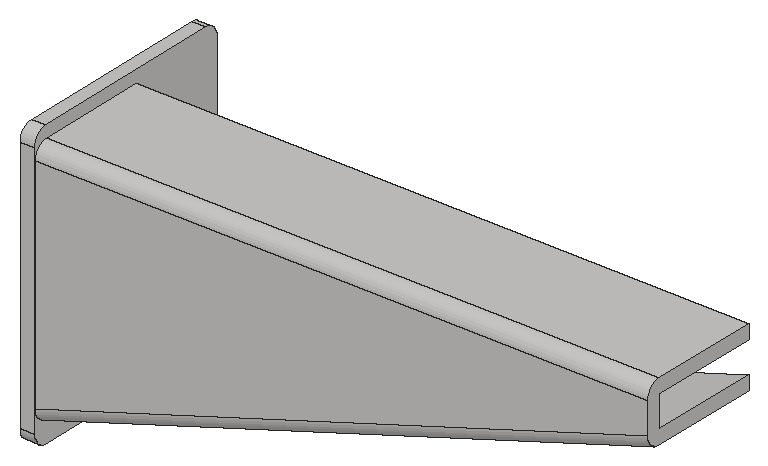
Revit family "E_Cable Tray Support_MEPcontent_OBO Bettermann_Bracket AW FT", category Cable Tray Fittings, Revit 2015
Parameters (values of type "AW 15 11 FT")
  Wholesaler Art. No. = ""
  Wholesaler = ""
  Watermarked By = "www.stabiplan.com"
  Width 1 = 110.00 mm
  Width = Width 1  # 110 mm
  URL = "www.stabiplan.com"
  built-in parameter 1140111 [instance] = 2.50 mm  # 0.0082021 (stored number, unit not read)
  Stabu Code = ""
  Revit Version = "2015"  # constant formula
  MEPcontent Class = "CABLE_TRAY_SUPPORT"  # constant formula
  Internal Art. No. = ""
  IFCExportType = "NOTDEFINED"  # constant formula
  IFCExportAs = "IfcCableCarrierFittingType"  # constant formula
  Function Code [instance] = ""
  Front Height = Height / 4  # 12.50 mm
  Family Version = "10.14"  # constant formula
  ETIM Article Class = "EC000022"  # constant formula
  EMCS Version = "2.0"  # constant formula
  Copyright = "© Stabiplan International BV"  # constant formula
  Content Supplier URL = ""
  CB-NL Class = ""
  Article Type = if(and(Width = 110.00 mm, Height = 50.00 mm), "AW 15 11 FT", if(and(Width = 160.00 mm, Height = 55.00 mm), "AW 15 16 FT", if(and(Width = 210.00 mm, Height = 60.00 mm), "AW 15 21 FT", if(and(Width = 310.00 mm, Height = 65.00 mm), "AW 15 31 FT", if(and(Width = 410.00 mm, Height = 70.00 mm), "AW 15 41 FT", if(and(Width = 510.00 mm, Height = 75.00 mm), "AW 15 51 FT", if(and(Width = 560.00 mm, Height = 80.00 mm), "AW 15 56 FT", if(and(Width = 610.00 mm, Height = 80.00 mm), "AW 15 61 FT", if(and(Width = 110.00 mm, Height = 60.00 mm, Depth = 50.00 mm), "AW 30 11 FT ", if(and(Width = 160.00 mm, Height = 65.00 mm, Depth = 50.00 mm), "AW 30 16 FT ", if(and(Width = 210.00 mm, Height = 70.00 mm, Depth = 50.00 mm), "AW 30 21 FT ", if(and(Width = 310.00 mm, Height = 80.00 mm, Depth = 50.00 mm), "AW 30 31 FT ", if(and(Width = 410.00 mm, Height = 80.00 mm, Depth = 50.00 mm), "AW 30 41 FT ", if(and(Width = 510.00 mm, Height = 90.00 mm, Depth = 50.00 mm), "AW 30 51 FT ", if(and(Width = 560.00 mm, Height = 100.00 mm, Depth = 50.00 mm), "AW 30 56 FT ", if(and(Width = 610.00 mm, Height = 100.00 mm, Depth = 50.00 mm), "AW 30 61 FT ", if(and(Width = 710.00 mm, Height = 100.00 mm, Depth = 50.00 mm), "AW 30 71 FT ", if(and(Width = 210.00 mm, Height = 90.00 mm, Depth = 50.00 mm), "AW 55 21 FT ", if(and(Width = 310.00 mm, Height = 110.00 mm, Depth = 50.00 mm), "AW 55 31 FT ", if(and(Width = 410.00 mm, Height = 130.00 mm, Depth = 50.00 mm), "AW 55 41 FT ", if(and(Width = 510.00 mm, Height = 145.00 mm, Depth = 60.00 mm), "AW 55 51 FT ", if(and(Width = 560.00 mm, Height = 165.00 mm, Depth = 60.00 mm), "AW 55 56 FT ", if(and(Width = 610.00 mm, Height = 165.00 mm, Depth = 60.00 mm), "AW 55 61 FT ", if(and(Width = 710.00 mm, Height = 195.00 mm, Depth = 60.00 mm), "AW 55 71 FT ", if(and(Width = 810.00 mm, Height = 195.00 mm, Depth = 60.00 mm), "AW 55 81 FT ", if(and(Width = 910.00 mm, Height = 215.00 mm, Depth = 60.00 mm), "AW 55 91 FT ", if(and(Width = 1010.00 mm, Height = 230.00 mm, Depth = 60.00 mm), "AW 55 101 FT ", if(and(Width = 210.00 mm, Height = 110.00 mm, Depth = 50.00 mm), "AW 80 21 FT", if(and(Width = 310.00 mm, Height = 145.00 mm, Depth = 50.00 mm), "AW 80 31 FT", if(and(Width = 410.00 mm, Height = 165.00 mm, Depth = 50.00 mm), "AW 80 41 FT", if(and(Width = 510.00 mm, Height = 195.00 mm, Depth = 60.00 mm), "AW 80 51 FT", if(and(Width = 610.00 mm, Height = 210.00 mm, Depth = 60.00 mm), "AW 80 61 FT", if(and(Width = 710.00 mm, Height = 235.00 mm, Depth = 60.00 mm), "AW 80 71 FT", if(and(Width = 810.00 mm, Height = 260.00 mm, Depth = 60.00 mm), "AW 80 81 FT", "Unknown"))))))))))))))))))))))))))))))))))  # "AW 15 11 FT"
  Product Line = "OBO BETTERMANN CableTrays"  # constant formula
  Model = if(and(Width = 110.00 mm, Height = 50.00 mm), "AW 15 11 FT", if(and(Width = 160.00 mm, Height = 55.00 mm), "AW 15 16 FT", if(and(Width = 210.00 mm, Height = 60.00 mm), "AW 15 21 FT", if(and(Width = 310.00 mm, Height = 65.00 mm), "AW 15 31 FT", if(and(Width = 410.00 mm, Height = 70.00 mm), "AW 15 41 FT", if(and(Width = 510.00 mm, Height = 75.00 mm), "AW 15 51 FT", if(and(Width = 560.00 mm, Height = 80.00 mm), "AW 15 56 FT", if(and(Width = 610.00 mm, Height = 80.00 mm), "AW 15 61 FT", if(and(Width = 110.00 mm, Height = 60.00 mm, Depth = 50.00 mm), "AW 30 11 FT ", if(and(Width = 160.00 mm, Height = 65.00 mm, Depth = 50.00 mm), "AW 30 16 FT ", if(and(Width = 210.00 mm, Height = 70.00 mm, Depth = 50.00 mm), "AW 30 21 FT ", if(and(Width = 310.00 mm, Height = 80.00 mm, Depth = 50.00 mm), "AW 30 31 FT ", if(and(Width = 410.00 mm, Height = 80.00 mm, Depth = 50.00 mm), "AW 30 41 FT ", if(and(Width = 510.00 mm, Height = 90.00 mm, Depth = 50.00 mm), "AW 30 51 FT ", if(and(Width = 560.00 mm, Height = 100.00 mm, Depth = 50.00 mm), "AW 30 56 FT ", if(and(Width = 610.00 mm, Height = 100.00 mm, Depth = 50.00 mm), "AW 30 61 FT ", if(and(Width = 710.00 mm, Height = 100.00 mm, Depth = 50.00 mm), "AW 30 71 FT ", if(and(Width = 210.00 mm, Height = 90.00 mm, Depth = 50.00 mm), "AW 55 21 FT ", if(and(Width = 310.00 mm, Height = 110.00 mm, Depth = 50.00 mm), "AW 55 31 FT ", if(and(Width = 410.00 mm, Height = 130.00 mm, Depth = 50.00 mm), "AW 55 41 FT ", if(and(Width = 510.00 mm, Height = 145.00 mm, Depth = 60.00 mm), "AW 55 51 FT ", if(and(Width = 560.00 mm, Height = 165.00 mm, Depth = 60.00 mm), "AW 55 56 FT ", if(and(Width = 610.00 mm, Height = 165.00 mm, Depth = 60.00 mm), "AW 55 61 FT ", if(and(Width = 710.00 mm, Height = 195.00 mm, Depth = 60.00 mm), "AW 55 71 FT ", if(and(Width = 810.00 mm, Height = 195.00 mm, Depth = 60.00 mm), "AW 55 81 FT ", if(and(Width = 910.00 mm, Height = 215.00 mm, Depth = 60.00 mm), "AW 55 91 FT ", if(and(Width = 1010.00 mm, Height = 230.00 mm, Depth = 60.00 mm), "AW 55 101 FT ", if(and(Width = 210.00 mm, Height = 110.00 mm, Depth = 50.00 mm), "AW 80 21 FT", if(and(Width = 310.00 mm, Height = 145.00 mm, Depth = 50.00 mm), "AW 80 31 FT", if(and(Width = 410.00 mm, Height = 165.00 mm, Depth = 50.00 mm), "AW 80 41 FT", if(and(Width = 510.00 mm, Height = 195.00 mm, Depth = 60.00 mm), "AW 80 51 FT", if(and(Width = 610.00 mm, Height = 210.00 mm, Depth = 60.00 mm), "AW 80 61 FT", if(and(Width = 710.00 mm, Height = 235.00 mm, Depth = 60.00 mm), "AW 80 71 FT", if(and(Width = 810.00 mm, Height = 260.00 mm, Depth = 60.00 mm), "AW 80 81 FT", "Unknown"))))))))))))))))))))))))))))))))))  # "AW 15 11 FT"
  Manufacturer = "OBO BETTERMANN"  # constant formula
  Custom [instance] = if(and(Width = 110.00 mm, Height = 50.00 mm), 1 = 0, if(and(Width = 160.00 mm, Height = 55.00 mm), 1 = 0, if(and(Width = 210.00 mm, Height = 60.00 mm), 1 = 0, if(and(Width = 310.00 mm, Height = 65.00 mm), 1 = 0, if(and(Width = 410.00 mm, Height = 70.00 mm), 1 = 0, if(and(Width = 510.00 mm, Height = 75.00 mm), 1 = 0, if(and(Width = 560.00 mm, Height = 80.00 mm), 1 = 0, if(and(Width = 610.00 mm, Height = 80.00 mm), 1 = 0, if(and(Width = 110.00 mm, Height = 60.00 mm, Depth = 50.00 mm), 1 = 0, if(and(Width = 160.00 mm, Height = 65.00 mm, Depth = 50.00 mm), 1 = 0, if(and(Width = 210.00 mm, Height = 70.00 mm, Depth = 50.00 mm), 1 = 0, if(and(Width = 310.00 mm, Height = 80.00 mm, Depth = 50.00 mm), 1 = 0, if(and(Width = 410.00 mm, Height = 80.00 mm, Depth = 50.00 mm), 1 = 0, if(and(Width = 510.00 mm, Height = 90.00 mm, Depth = 50.00 mm), 1 = 0, if(and(Width = 560.00 mm, Height = 100.00 mm, Depth = 50.00 mm), 1 = 0, if(and(Width = 610.00 mm, Height = 100.00 mm, Depth = 50.00 mm), 1 = 0, if(and(Width = 710.00 mm, Height = 100.00 mm, Depth = 50.00 mm), 1 = 0, if(and(Width = 210.00 mm, Height = 90.00 mm, Depth = 50.00 mm), 1 = 0, if(and(Width = 310.00 mm, Height = 110.00 mm, Depth = 50.00 mm), 1 = 0, if(and(Width = 410.00 mm, Height = 130.00 mm, Depth = 50.00 mm), 1 = 0, if(and(Width = 510.00 mm, Height = 145.00 mm, Depth = 60.00 mm), 1 = 0, if(and(Width = 560.00 mm, Height = 165.00 mm, Depth = 60.00 mm), 1 = 0, if(and(Width = 610.00 mm, Height = 165.00 mm, Depth = 60.00 mm), 1 = 0, if(and(Width = 710.00 mm, Height = 195.00 mm, Depth = 60.00 mm), 1 = 0, if(and(Width = 810.00 mm, Height = 195.00 mm, Depth = 60.00 mm), 1 = 0, if(and(Width = 910.00 mm, Height = 215.00 mm, Depth = 60.00 mm), 1 = 0, if(and(Width = 1010.00 mm, Height = 230.00 mm, Depth = 60.00 mm), 1 = 0, if(and(Width = 210.00 mm, Height = 110.00 mm, Depth = 50.00 mm), 1 = 0, if(and(Width = 310.00 mm, Height = 145.00 mm, Depth = 50.00 mm), 1 = 0, if(and(Width = 410.00 mm, Height = 165.00 mm, Depth = 50.00 mm), 1 = 0, if(and(Width = 510.00 mm, Height = 195.00 mm, Depth = 60.00 mm), 1 = 0, if(and(Width = 610.00 mm, Height = 210.00 mm, Depth = 60.00 mm), 1 = 0, if(and(Width = 710.00 mm, Height = 235.00 mm, Depth = 60.00 mm), 1 = 0, if(and(Width = 810.00 mm, Height = 260.00 mm, Depth = 60.00 mm), 1 = 0, 1 = 1))))))))))))))))))))))))))))))))))  # no
  Height 1 = 50.00 mm
  Height = Height 1  # 50 mm
  GTIN = if(and(Width = 110.00 mm, Height = 50.00 mm), "4012196207077", if(and(Width = 160.00 mm, Height = 55.00 mm), "4012196207138", if(and(Width = 210.00 mm, Height = 60.00 mm), "4012196207190", if(and(Width = 310.00 mm, Height = 65.00 mm), "4012196207251", if(and(Width = 410.00 mm, Height = 70.00 mm), "4012196207312", if(and(Width = 510.00 mm, Height = 75.00 mm), "4012196207374", if(and(Width = 560.00 mm, Height = 80.00 mm), "4012196207435", if(and(Width = 610.00 mm, Height = 80.00 mm), "4012196207497", if(and(Width = 110.00 mm, Height = 60.00 mm, Depth = 50.00 mm), "4012196206599", if(and(Width = 160.00 mm, Height = 65.00 mm, Depth = 50.00 mm), "4012196206650", if(and(Width = 210.00 mm, Height = 70.00 mm, Depth = 50.00 mm), "4012196206711", if(and(Width = 310.00 mm, Height = 80.00 mm, Depth = 50.00 mm), "4012196206773", if(and(Width = 410.00 mm, Height = 80.00 mm, Depth = 50.00 mm), "4012196206834", if(and(Width = 510.00 mm, Height = 90.00 mm, Depth = 50.00 mm), "4012196206896", if(and(Width = 560.00 mm, Height = 100.00 mm, Depth = 50.00 mm), "4012196207015", if(and(Width = 610.00 mm, Height = 100.00 mm, Depth = 50.00 mm), "4012196206957", if(and(Width = 710.00 mm, Height = 100.00 mm, Depth = 50.00 mm), "4012196483730", if(and(Width = 210.00 mm, Height = 90.00 mm, Depth = 50.00 mm), "4012196204731", if(and(Width = 310.00 mm, Height = 110.00 mm, Depth = 50.00 mm), "4012196204793", if(and(Width = 410.00 mm, Height = 130.00 mm, Depth = 50.00 mm), "4012196204854", if(and(Width = 510.00 mm, Height = 145.00 mm, Depth = 60.00 mm), "4012196204915", if(and(Width = 560.00 mm, Height = 165.00 mm, Depth = 60.00 mm), "4012196204977", if(and(Width = 610.00 mm, Height = 165.00 mm, Depth = 60.00 mm), "4012196205035", if(and(Width = 710.00 mm, Height = 195.00 mm, Depth = 60.00 mm), "4012196205097", if(and(Width = 810.00 mm, Height = 195.00 mm, Depth = 60.00 mm), "4012196205158", if(and(Width = 910.00 mm, Height = 215.00 mm, Depth = 60.00 mm), "4012196205219", if(and(Width = 1010.00 mm, Height = 230.00 mm, Depth = 60.00 mm), "4012196205271", if(and(Width = 210.00 mm, Height = 110.00 mm, Depth = 50.00 mm), "4012196203475", if(and(Width = 310.00 mm, Height = 145.00 mm, Depth = 50.00 mm), "4012196203536", if(and(Width = 410.00 mm, Height = 165.00 mm, Depth = 50.00 mm), "4012196203598", if(and(Width = 510.00 mm, Height = 195.00 mm, Depth = 60.00 mm), "4012196203659", if(and(Width = 610.00 mm, Height = 210.00 mm, Depth = 60.00 mm), "4012196203710", if(and(Width = 710.00 mm, Height = 235.00 mm, Depth = 60.00 mm), "4012196203772", if(and(Width = 810.00 mm, Height = 260.00 mm, Depth = 60.00 mm), "4012196203833", "Unknown"))))))))))))))))))))))))))))))))))  # "4012196207077"
  Description = "Wall Bracket"
  Depth = 40.00 mm
  Manufacturer URL = "http://catalog4.obo-bettermann.com/catalogue/catalogue.do?forward=showProductGroup&act=showIO&favOid=bss_7094&action=showManyProducts&lang=nl&OID=bss_7094&catId="
  Gray = Color RGB 189-187-185
  Manufacturer Art. No. = if(and(Width = 110.00 mm, Height = 50.00 mm), "6420656", if(and(Width = 160.00 mm, Height = 55.00 mm), "6420664", if(and(Width = 210.00 mm, Height = 60.00 mm), "6420680", if(and(Width = 310.00 mm, Height = 65.00 mm), "6420710", if(and(Width = 410.00 mm, Height = 70.00 mm), "6420745", if(and(Width = 510.00 mm, Height = 75.00 mm), "6420788", if(and(Width = 560.00 mm, Height = 80.00 mm), "6420796", if(and(Width = 610.00 mm, Height = 80.00 mm), "6420826", if(and(Width = 110.00 mm, Height = 60.00 mm, Depth = 50.00 mm), "6419704", if(and(Width = 160.00 mm, Height = 65.00 mm, Depth = 50.00 mm), "6419712", if(and(Width = 210.00 mm, Height = 70.00 mm, Depth = 50.00 mm), "6419720", if(and(Width = 310.00 mm, Height = 80.00 mm, Depth = 50.00 mm), "6419747", if(and(Width = 410.00 mm, Height = 80.00 mm, Depth = 50.00 mm), "6419763", if(and(Width = 510.00 mm, Height = 90.00 mm, Depth = 50.00 mm), "6419798", if(and(Width = 560.00 mm, Height = 100.00 mm, Depth = 50.00 mm), "6419844", if(and(Width = 610.00 mm, Height = 100.00 mm, Depth = 50.00 mm), "6419828", if(and(Width = 710.00 mm, Height = 100.00 mm, Depth = 50.00 mm), "6419836", if(and(Width = 210.00 mm, Height = 90.00 mm, Depth = 50.00 mm), "6418554", if(and(Width = 310.00 mm, Height = 110.00 mm, Depth = 50.00 mm), "6418570", if(and(Width = 410.00 mm, Height = 130.00 mm, Depth = 50.00 mm), "6418597", if(and(Width = 510.00 mm, Height = 145.00 mm, Depth = 60.00 mm), "6418619", if(and(Width = 560.00 mm, Height = 165.00 mm, Depth = 60.00 mm), "6418627", if(and(Width = 610.00 mm, Height = 165.00 mm, Depth = 60.00 mm), "6418635", if(and(Width = 710.00 mm, Height = 195.00 mm, Depth = 60.00 mm), "6418651", if(and(Width = 810.00 mm, Height = 195.00 mm, Depth = 60.00 mm), "6418686", if(and(Width = 910.00 mm, Height = 215.00 mm, Depth = 60.00 mm), "6418708", if(and(Width = 1010.00 mm, Height = 230.00 mm, Depth = 60.00 mm), "6418724", if(and(Width = 210.00 mm, Height = 110.00 mm, Depth = 50.00 mm), "6417752", if(and(Width = 310.00 mm, Height = 145.00 mm, Depth = 50.00 mm), "6417779", if(and(Width = 410.00 mm, Height = 165.00 mm, Depth = 50.00 mm), "6417795", if(and(Width = 510.00 mm, Height = 195.00 mm, Depth = 60.00 mm), "6417817", if(and(Width = 610.00 mm, Height = 210.00 mm, Depth = 60.00 mm), "6417833", if(and(Width = 710.00 mm, Height = 235.00 mm, Depth = 60.00 mm), "6417868", if(and(Width = 810.00 mm, Height = 260.00 mm, Depth = 60.00 mm), "6417884", "Unknown"))))))))))))))))))))))))))))))))))  # "6420656"
  Article Description = "Wall Bracket"
Types (34, lengths in mm): name | Width 1 | Width | Front Height | Article Type | Model | Height 1 | Height | GTIN | Depth | Manufacturer URL | Manufacturer Art. No.
  AW 15 11 FT | 110.00 | 110 | 12.50 | "AW 15 11 FT" | "AW 15 11 FT" | 50.00 | 50 | "4012196207077" | 40.00 | "http://catalog4.obo-bettermann.com/catalogue/catalogue.do?forward=showProductGroup&act=showIO&favOid=bss_7094&action=showManyProducts&lang=nl&OID=bss_7094&catId=" | "6420656"
  AW 15 16 FT | 160.00 | 160 | 13.75 | "AW 15 16 FT" | "AW 15 16 FT" | 55.00 | 55 | "4012196207138" | 40.00 | "http://catalog4.obo-bettermann.com/catalogue/catalogue.do?forward=showProductGroup&act=showIO&favOid=bss_7094&action=showManyProducts&lang=nl&OID=bss_7094&catId=" | "6420664"
  AW 15 21 FT | 210.00 | 210 | 15.00 | "AW 15 21 FT" | "AW 15 21 FT" | 60.00 | 60 | "4012196207190" | 40.00 | "http://catalog4.obo-bettermann.com/catalogue/catalogue.do?forward=showProductGroup&act=showIO&favOid=bss_7094&action=showManyProducts&lang=nl&OID=bss_7094&catId=" | "6420680"
  AW 15 31 FT | 310.00 | 310 | 16.25 | "AW 15 31 FT" | "AW 15 31 FT" | 65.00 | 65 | "4012196207251" | 40.00 | "http://catalog4.obo-bettermann.com/catalogue/catalogue.do?forward=showProductGroup&act=showIO&favOid=bss_7094&action=showManyProducts&lang=nl&OID=bss_7094&catId=" | "6420710"
  AW 15 41 FT | 410.00 | 410 | 17.50 | "AW 15 41 FT" | "AW 15 41 FT" | 70.00 | 70 | "4012196207312" | 40.00 | "http://catalog4.obo-bettermann.com/catalogue/catalogue.do?forward=showProductGroup&act=showIO&favOid=bss_7094&action=showManyProducts&lang=nl&OID=bss_7094&catId=" | "6420745"
  AW 15 51 FT | 510.00 | 510 | 18.75 | "AW 15 51 FT" | "AW 15 51 FT" | 75.00 | 75 | "4012196207374" | 40.00 | "http://catalog4.obo-bettermann.com/catalogue/catalogue.do?forward=showProductGroup&act=showIO&favOid=bss_7094&action=showManyProducts&lang=nl&OID=bss_7094&catId=" | "6420788"
  AW 15 56 FT | 560.00 | 560 | 20.00 | "AW 15 56 FT" | "AW 15 56 FT" | 80.00 | 80 | "4012196207435" | 40.00 | "http://catalog4.obo-bettermann.com/catalogue/catalogue.do?forward=showProductGroup&act=showIO&favOid=kts_7094&action=showManyProducts&lang=nl&OID=kts_7094&catId=" | "6420796"
  AW 15 61 FT | 610.00 | 610 | 20.00 | "AW 15 61 FT" | "AW 15 61 FT" | 80.00 | 80 | "4012196207497" | 40.00 | "http://catalog4.obo-bettermann.com/catalogue/catalogue.do?forward=showProductGroup&act=showIO&favOid=kts_7094&action=showManyProducts&lang=nl&OID=kts_7094&catId=" | "6420826"
  AW 30 11 FT | 110.00 | 110 | 15.00 | "AW 30 11 FT " | "AW 30 11 FT " | 60.00 | 60 | "4012196206599" | 50.00 | "http://catalog4.obo-bettermann.com/catalogue/catalogue.do?forward=showProductGroup&act=showIO&favOid=bss_7110&action=showManyProducts&lang=nl&OID=bss_7110&catId=" | "6419704"
  AW 30 16 FT | 160.00 | 160 | 16.25 | "AW 30 16 FT " | "AW 30 16 FT " | 65.00 | 65 | "4012196206650" | 50.00 | "http://catalog4.obo-bettermann.com/catalogue/catalogue.do?forward=showProductGroup&act=showIO&favOid=kts_7110&action=showManyProducts&lang=nl&OID=kts_7110&catId=" | "6419712"
  AW 30 21 FT | 210.00 | 210 | 17.50 | "AW 30 21 FT " | "AW 30 21 FT " | 70.00 | 70 | "4012196206711" | 50.00 | "http://catalog4.obo-bettermann.com/catalogue/catalogue.do?forward=showProductGroup&act=showIO&favOid=kts_7110&action=showManyProducts&lang=nl&OID=kts_7110&catId=" | "6419720"
  AW 30 31 FT | 310.00 | 310 | 20.00 | "AW 30 31 FT " | "AW 30 31 FT " | 80.00 | 80 | "4012196206773" | 50.00 | "http://catalog4.obo-bettermann.com/catalogue/catalogue.do?forward=showProductGroup&act=showIO&favOid=kts_7110&action=showManyProducts&lang=nl&OID=kts_7110&catId=" | "6419747"
  AW 30 41 FT | 410.00 | 410 | 20.00 | "AW 30 41 FT " | "AW 30 41 FT " | 80.00 | 80 | "4012196206834" | 50.00 | "http://catalog4.obo-bettermann.com/catalogue/catalogue.do?forward=showProductGroup&act=showIO&favOid=kts_7110&action=showManyProducts&lang=nl&OID=kts_7110&catId=" | "6419763"
  AW 30 51 FT | 510.00 | 510 | 22.50 | "AW 30 51 FT " | "AW 30 51 FT " | 90.00 | 90 | "4012196206896" | 50.00 | "http://catalog4.obo-bettermann.com/catalogue/catalogue.do?forward=showProductGroup&act=showIO&favOid=kts_7110&action=showManyProducts&lang=nl&OID=kts_7110&catId=" | "6419798"
  AW 30 56 FT | 560.00 | 560 | 25.00 | "AW 30 56 FT " | "AW 30 56 FT " | 100.00 | 100 | "4012196207015" | 50.00 | "http://catalog4.obo-bettermann.com/catalogue/catalogue.do?forward=showProductGroup&act=showIO&favOid=kts_7110&action=showManyProducts&lang=nl&OID=kts_7110&catId=" | "6419844"
  AW 30 61 FT | 610.00 | 610 | 25.00 | "AW 30 61 FT " | "AW 30 61 FT " | 100.00 | 100 | "4012196206957" | 50.00 | "http://catalog4.obo-bettermann.com/catalogue/catalogue.do?forward=showProductGroup&act=showIO&favOid=kts_7110&action=showManyProducts&lang=nl&OID=kts_7110&catId=" | "6419828"
  AW 30 71 FT | 710.00 | 710 | 25.00 | "AW 30 71 FT " | "AW 30 71 FT " | 100.00 | 100 | "4012196483730" | 50.00 | "http://catalog4.obo-bettermann.com/catalogue/catalogue.do?forward=showProductGroup&act=showIO&favOid=kts_7110&action=showManyProducts&lang=nl&OID=kts_7110&catId=" | "6419836"
  AW 55 21 FT | 210.00 | 210 | 22.50 | "AW 55 21 FT " | "AW 55 21 FT " | 90.00 | 90 | "4012196204731" | 50.00 | "http://catalog4.obo-bettermann.com/catalogue/catalogue.do?forward=showProductGroup&act=showIO&favOid=bss_7126&action=showManyProducts&lang=nl&OID=bss_7126&catId=" | "6418554"
  AW 55 31 FT | 310.00 | 310 | 27.50 | "AW 55 31 FT " | "AW 55 31 FT " | 110.00 | 110 | "4012196204793" | 50.00 | "http://catalog4.obo-bettermann.com/catalogue/catalogue.do?forward=showProductGroup&act=showIO&favOid=bss_7126&action=showManyProducts&lang=nl&OID=bss_7126&catId=" | "6418570"
  AW 55 41 FT | 410.00 | 410 | 32.50 | "AW 55 41 FT " | "AW 55 41 FT " | 130.00 | 130 | "4012196204854" | 50.00 | "http://catalog4.obo-bettermann.com/catalogue/catalogue.do?forward=showProductGroup&act=showIO&favOid=bss_7126&action=showManyProducts&lang=nl&OID=bss_7126&catId=" | "6418597"
  AW 55 51 FT | 510.00 | 510 | 36.25 | "AW 55 51 FT " | "AW 55 51 FT " | 145.00 | 145 | "4012196204915" | 60.00 | "http://catalog4.obo-bettermann.com/catalogue/catalogue.do?forward=showProductGroup&act=showIO&favOid=kts_7126&action=showManyProducts&lang=nl&OID=kts_7126&catId=" | "6418619"
  AW 55 56 FT | 560.00 | 560 | 41.25 | "AW 55 56 FT " | "AW 55 56 FT " | 165.00 | 165 | "4012196204977" | 60.00 | "http://catalog4.obo-bettermann.com/catalogue/catalogue.do?forward=showProductGroup&act=showIO&favOid=kts_7126&action=showManyProducts&lang=nl&OID=kts_7126&catId=" | "6418627"
  AW 55 61 FT | 610.00 | 610 | 41.25 | "AW 55 61 FT " | "AW 55 61 FT " | 165.00 | 165 | "4012196205035" | 60.00 | "http://catalog4.obo-bettermann.com/catalogue/catalogue.do?forward=showProductGroup&act=showIO&favOid=kts_7126&action=showManyProducts&lang=nl&OID=kts_7126&catId=" | "6418635"
  AW 55 71 FT | 710.00 | 710 | 48.75 | "AW 55 71 FT " | "AW 55 71 FT " | 195.00 | 195 | "4012196205097" | 60.00 | "http://catalog4.obo-bettermann.com/catalogue/catalogue.do?forward=showProductGroup&act=showIO&favOid=kts_7126&action=showManyProducts&lang=nl&OID=kts_7126&catId=" | "6418651"
  AW 55 81 FT | 810.00 | 810 | 48.75 | "AW 55 81 FT " | "AW 55 81 FT " | 195.00 | 195 | "4012196205158" | 60.00 | "http://catalog4.obo-bettermann.com/catalogue/catalogue.do?forward=showProductGroup&act=showIO&favOid=kts_7126&action=showManyProducts&lang=nl&OID=kts_7126&catId=" | "6418686"
  AW 55 91 FT | 910.00 | 910 | 53.75 | "AW 55 91 FT " | "AW 55 91 FT " | 215.00 | 215 | "4012196205219" | 60.00 | "http://catalog4.obo-bettermann.com/catalogue/catalogue.do?forward=showProductGroup&act=showIO&favOid=kts_7126&action=showManyProducts&lang=nl&OID=kts_7126&catId=" | "6418708"
  AW 55 101 FT | 1010.00 | 1010 | 57.50 | "AW 55 101 FT " | "AW 55 101 FT " | 230.00 | 230 | "4012196205271" | 60.00 | "http://catalog4.obo-bettermann.com/catalogue/catalogue.do?forward=showProductGroup&act=showIO&favOid=kts_7126&action=showManyProducts&lang=nl&OID=kts_7126&catId=" | "6418724"
  AW 80 21 FT | 210.00 | 210 | 27.50 | "AW 80 21 FT" | "AW 80 21 FT" | 110.00 | 110 | "4012196203475" | 50.00 | "http://catalog4.obo-bettermann.com/catalogue/catalogue.do?favOid=kts_7146&OID=kts_7147&act=showIO&lang=nl&forward=showProductGroupView&action=showOneProduct&catId=KTS" | "6417752"
  AW 80 31 FT | 310.00 | 310 | 36.25 | "AW 80 31 FT" | "AW 80 31 FT" | 145.00 | 145 | "4012196203536" | 50.00 | "http://catalog4.obo-bettermann.com/catalogue/catalogue.do?favOid=kts_7146&OID=kts_7147&act=showIO&lang=nl&forward=showProductGroupView&action=showOneProduct&catId=KTS" | "6417779"
  AW 80 41 FT | 410.00 | 410 | 41.25 | "AW 80 41 FT" | "AW 80 41 FT" | 165.00 | 165 | "4012196203598" | 50.00 | "http://catalog4.obo-bettermann.com/catalogue/catalogue.do?favOid=kts_7146&OID=kts_7147&act=showIO&lang=nl&forward=showProductGroupView&action=showOneProduct&catId=KTS" | "6417795"
  AW 80 51 FT | 510.00 | 510 | 48.75 | "AW 80 51 FT" | "AW 80 51 FT" | 195.00 | 195 | "4012196203659" | 60.00 | "http://catalog4.obo-bettermann.com/catalogue/catalogue.do?favOid=kts_7146&OID=kts_7147&act=showIO&lang=nl&forward=showProductGroupView&action=showOneProduct&catId=KTS" | "6417817"
  AW 80 61 FT | 610.00 | 610 | 52.50 | "AW 80 61 FT" | "AW 80 61 FT" | 210.00 | 210 | "4012196203710" | 60.00 | "http://catalog4.obo-bettermann.com/catalogue/catalogue.do?favOid=kts_7146&OID=kts_7147&act=showIO&lang=nl&forward=showProductGroupView&action=showOneProduct&catId=KTS" | "6417833"
  AW 80 71 FT | 710.00 | 710 | 58.75 | "AW 80 71 FT" | "AW 80 71 FT" | 235.00 | 235 | "4012196203772" | 60.00 | "http://catalog4.obo-bettermann.com/catalogue/catalogue.do?favOid=kts_7146&OID=kts_7147&act=showIO&lang=nl&forward=showProductGroupView&action=showOneProduct&catId=KTS" | "6417868"
  AW 80 81 FT | 810.00 | 810 | 65.00 | "AW 80 81 FT" | "AW 80 81 FT" | 260.00 | 260 | "4012196203833" | 60.00 | "http://catalog4.obo-bettermann.com/catalogue/catalogue.do?favOid=kts_7146&OID=kts_7147&act=showIO&lang=nl&forward=showProductGroupView&action=showOneProduct&catId=KTS" | "6417884"
Reference planes
  plane 1 "Center (Front/Back)": y = 0
  plane 2: z = 0
  plane 3 "Center (Left/Right)": x = 0
  plane 4: y = 20
  plane 5: y = -20
  plane 6: x = 110
  plane 7: x = 2.5
  plane 8: z = 25
  plane 9: z = -25
  plane 10: z = -21
  plane 11: z = 12.5
  plane 12: y = -5
  plane 13: z = 23
Forms (mm)
  Extrusion 1, solid, material "Color RGB 189-187-185" <- "Gray", detail levels medium+fine
    sketch origin (0, 0, 0) x (0, 1, 0) y (0, 0, 1)
      loop
        line (17.5, 25) -> (-17.5, 25)
        arc (-17.5, 25) -> (-19.268, 24.268) -> (-20, 22.5) r 2.5
        line (-20, 22.5) -> (-20, -22.5)
        arc (-20, -22.5) -> (-19.268, -24.268) -> (-17.5, -25) r 2.5
        line (-17.5, -25) -> (17.5, -25)
        arc (17.5, -25) -> (19.268, -24.268) -> (20, -22.5) r 2.5
        line (20, -22.5) -> (20, 22.5)
        arc (20, 22.5) -> (19.268, 24.268) -> (17.5, 25) r 2.5
    from 0 to 2.5
  SweptBlend 2, solid, material "Color RGB 189-187-185" <- "Gray", detail levels medium+fine
    path origin (0, 0, 0) x (1, 0, 0) y (0, 0, 1)
      loop
        line (2.5, 0) -> (110, 0)
    profile origin (2.5, 0, 0) x (0, 0, 1) y (0, -1, 0)
      loop
        line (-21, -2) -> (-18.5, -2) -> (-18.5, 17.5) -> (20.5, 17.5) -> (20.5, -2) -> (23, -2) -> (23, 17.5)
        arc (23, 17.5) -> (22.268, 19.268) -> (20.5, 20) r 2.5
        line (20.5, 20) -> (-18.5, 20)
        arc (-18.5, 20) -> (-20.268, 19.268) -> (-21, 17.5) r 2.5
        line (-21, 17.5) -> (-21, -2)
    end profile origin (110, 0, 0) x (0, 0, 1) y (0, -1, 0)
      loop
        line (12.5, -2) -> (15, -2) -> (15, 17.5) -> (20.5, 17.5) -> (20.5, -2) -> (23, -2) -> (23, 17.5)
        arc (23, 17.5) -> (22.268, 19.268) -> (20.5, 20) r 2.5
        line (20.5, 20) -> (15, 20)
        arc (15, 20) -> (13.232, 19.268) -> (12.5, 17.5) r 2.5
        line (12.5, 17.5) -> (12.5, -2)
Lines and regions (mm)
  model lines, style "Fittings", detail levels coarse
    curve 1: line (0, 0, 23) -> (110, 0, 23)
    curve 2: line (0, 0, 23) -> (0, 0, -25)
Dimensions and locks
  equal spacing: plane 4, plane 1 "Center (Front/Back)", plane 5
  "Depth": plane 4 to plane 5
  "Width": plane 6 to plane 3 "Center (Left/Right)"
  locked: plane 7 to plane 3 "Center (Left/Right)" at 2.5
  "Height": plane 8 to plane 9
  equal spacing: plane 8, level, plane 9
  locked: plane 10 to plane 9 at 4
  locked: SweptBlend 2 sketch curve to plane 5 at 2.5  (x2)
  locked: SweptBlend 2 sketch curve to plane 10 at 2.5
  "Front Height": plane 8 to plane 11
  locked: SweptBlend 2 sketch curve to plane 11 at 2.5
  locked: plane 12 to plane 4 at 25
  locked: SweptBlend 2 sketch curve to SweptBlend 2 sketch curve at 2.5  (x2)
  locked: plane 8 to SweptBlend 2 sketch curve at 2  (x2)
  plane 4 to SweptBlend 2 sketch curve to SweptBlend 2 sketch curve = 18.00 mm locked, 0.00 mm locked
  locked: plane 4 to SweptBlend 2 sketch curve at 18  (x2)
  locked: plane 8 to plane 13 at 2
  radius of Extrusion 1 sketch curve = 2.50 mm  (x4)
  radius of SweptBlend 2 sketch curve = 2.50 mm  (x4)
  aligned and locked: level to plane 2
  aligned and locked: plane 8 to Extrusion 1 sketch curve
  aligned and locked: Extrusion 1 sketch curve to plane 4
  aligned and locked: Extrusion 1 sketch curve to plane 9
  aligned and locked: Extrusion 1 sketch curve to plane 5
  aligned and locked: plane 7 to Extrusion 1
  aligned and locked: plane 6 to SweptBlend 2 sketch curve
  aligned and locked: plane 7 to SweptBlend 2 sketch curve
  aligned and locked: SweptBlend 2 sketch curve to plane 2
  aligned and locked: plane 10 to SweptBlend 2 sketch curve
  aligned and locked: plane 5 to SweptBlend 2 sketch curve
  aligned and locked: Extrusion 1 to curve 2
  aligned and locked: plane 13 to curve 2
  aligned and locked: plane 9 to curve 2
Automatic sketch dimensions
  curve 1 to plane 6 = 0.00 mm
  SweptBlend 2 sketch curve to plane 11 = 0.00 mm
  SweptBlend 2 sketch curve to SweptBlend 2 sketch curve = 0.00 mm
